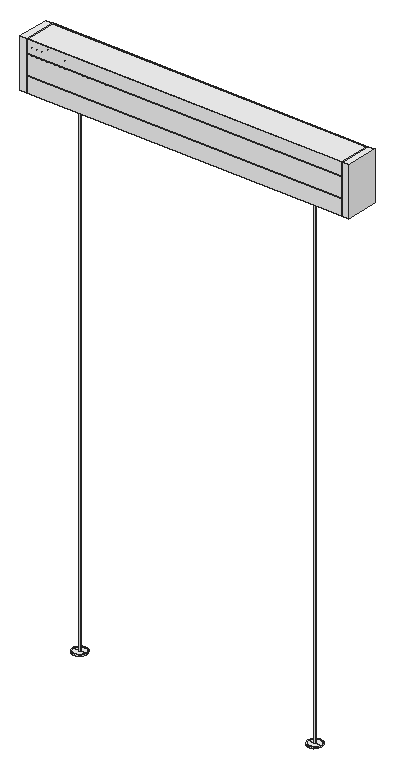
Revit family "2.3 inch  MAGIC WALL WASH LINEAR LIGHT", category Lighting Fixtures, host Face, Revit 2020 (continued)
Types (17): name | Wattage Comments | Wattage | Wall Mount | Suspenders Distance | Surface Mount | Recessed Mount | Photometric Web File | Pendent Mount | Order number | built-in parameter 1150142 | Model | built-in parameter 1150105 | Lumens | Light Source Height | Light Source Distance | built-in parameter 1150106 | Fixture Length
    3.11     2.81     2.53     2.28     2.04     1.82     1.62     1.62     1.64     1.65     \r\n 1.66     1.68     1.69     1.70     1.71     1.72     1.74     1.75     1.76     1.77     \r\n 1.79     1.81     1.82     1.84     1.85     1.85     1.87     1.88     1.90     1.92     \r\n 1.93     1.94     1.96     1.98     1.99     2.00     2.02     2.04     2.05     2.06     \r\n 2.08     2.10     2.11     2.13     2.14     2.16     2.17     2.19     2.20     2.21     \r\n 2.22     2.23     2.24     2.26     2.27     2.27     2.28     2.29     2.30     2.30     \r\n 2.27     2.18     2.12     2.08     2.05     2.02     1.99     1.97     1.95     1.94     \r\n 1.94     1.93     1.93     1.93     1.92     1.88     1.86     1.85     1.85     1.86     \r\n 1.88     1.90     1.91     1.92     1.93     1.94     1.95     1.98     2.00     2.02     \r\n 2.05     2.07     2.09     2.12     2.14     2.16     2.18     2.20     2.22     2.25     \r\n 2.28     2.31     2.33     2.36     2.39     2.43     2.46     2.50     2.54     2.57     \r\n 2.60     2.64     2.67     2.71     2.74     2.77     2.80     2.84     2.88     2.91     \r\n 2.95     2.99     3.03     3.06     3.10     3.14     3.18     3.22     3.26     3.31     \r\n 3.36     3.39     3.43     3.47     3.51     3.55     3.59     3.63     3.67     3.71     \r\n 3.75     3.79     3.83     3.89     3.94     3.97     4.00     4.06     4.12     4.19     \r\n 4.26     \r\n1793.11  1807.47  1821.83  1835.03  1848.23  1860.64  1873.04  1884.65  1896.26  1907.02  \r\n 1917.78  1928.57  1939.36  1949.75  1960.14  1969.59  1979.03  1987.61  1996.18  2004.62  \r\n 2013.06  2020.99  2028.92  2036.71  2044.50  2050.79  2057.07  2063.51  2069.94  2075.72  \r\n 2081.50  2086.14  2090.78  2095.85  2100.93  2105.81  2110.70  2114.85  2119.01  2122.91  \r\n 2126.81  2128.61  2130.42  2132.26  2134.11  2135.23  2136.34  2138.17  2140.00  2139.23  \r\n 2138.46  2137.72  2136.98  2134.58  2132.17  2131.05  2129.92  2127.21  2124.50  2118.34  \r\n 2112.19  2107.14  2102.09  2096.56  2091.03  2083.47  2075.91  2066.54  2057.17  2047.78  \r\n 2038.39  2027.35  2016.30  2005.37  1994.43  1981.90  1969.37  1955.18  1940.98  1925.90  \r\n 1910.83  1894.69  1878.54  1862.78  1847.02  1828.84  1810.66  1792.21  1773.75  1753.54  \r\n 1733.33  1713.69  1694.05  1671.77  1649.49  1627.06  1604.63  1582.06  1559.49  1535.71  \r\n 1511.93  1486.68  1461.42  1437.05  1412.68  1387.41  1362.14  1336.76  1311.39  1284.28  \r\n 1257.18  1231.39  1205.61  1179.21  1152.82  1126.14  1099.47  1073.44  1047.40  1021.24  \r\n 995.09   969.59   944.09   917.96   891.84   867.07   842.31   818.25   794.18   770.24   \r\n 746.30   723.21   700.12   677.89   655.67   633.28   610.89   590.37   569.84   549.30   \r\n 528.76   508.94   489.11   470.04   450.96   432.51   414.06   396.83   379.61   362.54   \r\n 345.47   329.43   313.39   297.62   281.86   266.10   250.35   236.13   221.92   208.39   \r\n 194.87   182.16   169.44   157.30   145.16   133.85   122.55   108.49   94.43    73.79    \r\n 53.15    43.22    33.28    28.15    23.02    18.40    13.78    9.64     5.49     3.71     \r\n 15.34    4.40     4.04     3.81     3.58     3.38     3.19     3.01     2.83     2.67     \r\n 2.51     2.35     2.19     2.05     1.90     1.77     1.64     1.52     1.40     1.29     \r\n 1.18     1.09     1.00     0.92     0.83     0.77     0.71     0.65     0.59     0.56     \r\n 0.52     0.51     0.49     0.49     0.50     0.51     0.52     0.53     0.53     0.54     \r\n 0.54     0.56     0.59     0.59     0.60     0.62     0.64     0.66     0.68     0.68     \r\n 0.69     0.71     0.72     0.73     0.73     0.75     0.77     0.80     0.82     0.83     \r\n 0.84     0.85     0.87     0.88     0.89     0.91     0.93     0.95     0.97     0.98     \r\n 0.98     1.01     1.03     1.04     1.05     1.08     1.10     1.11     1.12     1.14     \r\n 1.15     1.17     1.19     1.21     1.24     1.26     1.27     1.28     1.29     1.31     \r\n 1.33     1.35     1.37     1.39     1.42     1.43     1.45     1.47     1.49     1.51     \r\n 1.53     1.55     1.57     1.59     1.61     1.62     1.64     1.67     1.70     1.71     \r\n 1.73     1.75     1.78     1.81     1.84     1.86     1.88     1.90     1.93     1.96     \r\n 1.99     2.02     2.04     2.07     2.09     2.12     2.16     2.19     2.22     2.25     \r\n 2.28     2.31     2.33     2.36     2.39     2.43     2.47     2.49     2.52     2.56     \r\n 2.59     2.64     2.70     2.71     2.73     2.76     2.79     2.82     2.86     2.89     \r\n 2.93     2.97     3.01     3.04     3.07     3.11     3.14     3.18     3.22     3.26     \r\n 3.30     3.33     3.37     3.41     3.44     3.48     3.52     3.56     3.60     3.64     \r\n 3.67     3.71     3.75     3.79     3.82     3.86     3.90     3.93     3.97     4.00     \r\n 4.26     \r\n1793.11  1807.28  1821.43  1834.44  1847.44  1859.66  1871.86  1883.26  1894.63  1905.20  \r\n 1915.75  1926.29  1936.82  1946.94  1957.03  1966.26  1975.45  1983.87  1992.25  2000.39  \r\n 2008.50  2016.19  2023.84  2031.31  2038.75  2044.92  2050.95  2057.11  2063.27  2068.83  \r\n 2074.31  2078.86  2083.29  2087.93  2092.58  2096.98  2101.33  2105.30  2109.22  2112.70  \r\n 2116.09  2117.89  2119.40  2120.84  2122.25  2123.00  2123.60  2124.63  2125.73  2125.04  \r\n 2123.92  2122.75  2121.56  2118.93  2115.91  2113.74  2111.80  2108.60  2105.00  2099.26  \r\n 2092.84  2086.81  2080.88  2074.53  2068.02  2060.21  2051.90  2042.53  2032.73  2022.68  \r\n 2012.51  2001.26  1989.52  1977.73  1965.91  1952.90  1939.30  1924.76  1909.71  1893.98  \r\n 1877.85  1861.35  1844.65  1827.66  1810.48  1792.05  1772.81  1753.44  1733.98  1713.70  \r\n 1692.81  1671.91  1650.98  1628.99  1606.13  1583.06  1559.80  1536.41  1512.92  1488.94  \r\n 1464.47  1439.33  1413.46  1388.10  1363.38  1337.96  1311.62  1285.43  1259.46  1232.95  \r\n 1205.65  1178.78  1152.66  1126.34  1099.65  1073.01  1046.52  1020.17  994.14   968.02   \r\n 941.63   915.54   890.42   865.17   839.34   813.78   789.48   765.25   741.26   717.36   \r\n 694.28   671.26   648.28   625.32   603.76   582.25   560.78   539.37   519.06   498.88   \r\n 478.74   458.63   439.48   420.66   402.20   383.85   365.87   348.14   330.88   313.99   \r\n 297.48   281.46   265.74   250.50   235.51   221.18   206.98   193.18   179.59   166.85   \r\n 154.35   142.18   130.29   118.61   106.79   95.09    83.83    72.81    62.24    52.22    \r\n 42.64    34.43    26.71    19.43    12.83    9.43     7.45     6.01     5.40     5.05     \r\n 4.70     4.43     4.17     3.92     3.72     3.51     3.31     3.12     2.93     2.73     \r\n 2.53     2.35     2.18     2.02     1.88     1.74     1.62     1.50     1.39     1.28     \r\n 1.18     1.09     1.00     0.92     0.83     0.77     0.70     0.64     0.59     0.56     \r\n 0.54     0.53     0.53     0.54     0.55     0.56     0.57     0.58     0.59     0.60     \r\n 0.61     0.63     0.64     0.65     0.66     0.67     0.69     0.70     0.71     0.72     \r\n 0.74     0.75     0.76     0.77     0.78     0.80     0.82     0.84     0.85     0.86     \r\n 0.87     0.89     0.90     0.91     0.93     0.94     0.96     0.97     0.99     1.00     \r\n 1.02     1.04     1.05     1.07     1.08     1.10     1.12     1.13     1.14     1.16     \r\n 1.18     1.19     1.21     1.23     1.25     1.27     1.29     1.30     1.31     1.33     \r\n 1.35     1.37     1.39     1.41     1.43     1.44     1.46     1.48     1.50     1.52     \r\n 1.54     1.56     1.58     1.60     1.62     1.64     1.66     1.69     1.71     1.72     \r\n 1.74     1.77     1.79     1.82     1.85     1.87     1.89     1.91     1.94     1.97     \r\n 2.00     2.03     2.05     2.08     2.10     2.14     2.17     2.20     2.23     2.26     \r\n 2.29     2.32     2.34     2.37     2.40     2.44     2.48     2.50     2.53     2.56     \r\n 2.60     2.65     2.70     2.71     2.73     2.76     2.80     2.83     2.86     2.90     \r\n 2.94     2.97     3.01     3.04     3.08     3.11     3.15     3.18     3.22     3.26     \r\n 3.30     3.34     3.38     3.41     3.45     3.49     3.53     3.56     3.60     3.64     \r\n 3.67     3.71     3.75     3.79     3.82     3.86     3.90     3.93     3.97     4.00     \r\n 4.26     \r\n1793.11  1806.98  1820.81  1833.55  1846.25  1858.21  1870.12  1881.26  1892.31  1902.66  \r\n 1912.91  1923.13  1933.33  1943.15  1952.85  1961.89  1970.75  1979.04  1987.16  1995.00  \r\n 2002.73  2010.17  2017.48  2024.63  2031.67  2037.89  2043.63  2049.43  2055.28  2060.73  \r\n 2065.87  2070.50  2074.68  2078.88  2083.09  2087.11  2090.89  2094.60  2098.24  2101.59  \r\n 2104.45  2106.71  2107.90  2109.03  2110.01  2110.73  2110.82  2110.98  2111.37  2111.34  \r\n 2109.89  2108.40  2106.77  2104.87  2101.27  2097.73  2095.03  2092.20  2087.78  2083.27  \r\n 2076.65  2070.02  2063.32  2056.58  2049.22  2041.77  2032.99  2024.03  2014.08  2003.96  \r\n 1993.29  1982.45  1970.53  1958.23  1945.75  1933.18  1919.34  1904.84  1889.60  1873.91  \r\n 1857.50  1840.54  1823.51  1806.46  1788.83  1770.48  1751.44  1731.41  1711.32  1691.16  \r\n 1670.67  1649.41  1628.02  1606.16  1584.07  1561.00  1537.86  1514.16  1490.43  1466.43  \r\n 1442.40  1417.73  1393.01  1367.17  1341.16  1316.26  1291.66  1265.48  1238.60  1212.26  \r\n 1186.26  1159.76  1132.86  1106.42  1080.57  1053.52  1026.10  998.93   972.24   945.66   \r\n 919.48   893.42   867.11   840.97   816.16   791.67   766.81   741.93   717.96   694.68   \r\n 671.59   648.74   626.30   604.70   583.25   561.96   540.89   520.82   501.04   481.54   \r\n 462.29   443.49   425.27   407.27   389.78   372.53   355.77   338.56   321.07   304.05   \r\n 287.34   271.31   255.60   240.18   225.07   210.39   196.71   183.35   170.32   157.60   \r\n 145.18   132.99   121.07   109.47   98.46    87.84    77.47    67.43    57.78    48.89    \r\n 40.91    33.26    25.99    18.99    12.23    7.53     6.78     6.11     5.51     4.95     \r\n 4.41     4.18     3.94     3.70     3.46     3.22     3.02     2.84     2.66     2.48     \r\n 2.29     2.11     1.96     1.83     1.72     1.60     1.49     1.38     1.27     1.17     \r\n 1.07     1.00     0.92     0.86     0.79     0.73     0.68     0.64     0.61     0.58     \r\n 0.56     0.55     0.54     0.54     0.54     0.55     0.56     0.57     0.59     0.60     \r\n 0.61     0.63     0.64     0.66     0.67     0.68     0.70     0.71     0.72     0.74     \r\n 0.76     0.77     0.79     0.80     0.82     0.84     0.85     0.86     0.88     0.89     \r\n 0.91     0.93     0.94     0.96     0.97     0.98     1.00     1.02     1.03     1.05     \r\n 1.07     1.08     1.10     1.11     1.13     1.14     1.16     1.17     1.19     1.20     \r\n 1.22     1.24     1.25     1.27     1.29     1.30     1.31     1.33     1.35     1.36     \r\n 1.38     1.40     1.42     1.44     1.46     1.47     1.49     1.51     1.53     1.55     \r\n 1.57     1.59     1.61     1.63     1.65     1.67     1.69     1.71     1.73     1.75     \r\n 1.77     1.79     1.82     1.85     1.87     1.89     1.92     1.94     1.97     2.00     \r\n 2.03     2.05     2.08     2.10     2.13     2.16     2.19     2.22     2.25     2.28     \r\n 2.31     2.33     2.36     2.39     2.43     2.46     2.49     2.52     2.55     2.58     \r\n 2.62     2.67     2.70     2.72     2.75     2.78     2.81     2.84     2.88     2.91     \r\n 2.95     2.99     3.02     3.05     3.09     3.12     3.16     3.20     3.23     3.27     \r\n 3.31     3.35     3.38     3.42     3.45     3.49     3.53     3.57     3.60     3.64     \r\n 3.68     3.72     3.76     3.79     3.83     3.86     3.90     3.93     3.97     4.00     \r\n 4.26     \r\n1793.11  1806.57  1819.99  1832.37  1844.67  1856.31  1867.83  1878.68  1889.32  1899.42  \r\n 1909.29  1919.13  1928.92  1938.42  1947.68  1956.52  1964.98  1973.14  1980.93  1988.55  \r\n 1995.83  2002.99  2009.92  2016.76  2023.36  2029.76  2035.16  2040.55  2046.04  2051.53  \r\n 2056.29  2061.03  2065.00  2068.90  2072.67  2076.38  2079.70  2082.86  2086.14  2089.49  \r\n 2092.21  2094.51  2096.04  2096.92  2097.64  2098.17  2098.35  2097.92  2097.51  2097.17  \r\n 2096.51  2094.73  2092.92  2090.87  2088.76  2084.62  2080.43  2076.94  2073.43  2068.50  \r\n 2063.24  2056.84  2050.08  2042.89  2035.43  2027.53  2019.26  2010.41  2000.91  1991.10  \r\n 1980.77  1970.19  1958.83  1947.26  1934.57  1921.84  1908.70  1895.51  1880.48  1865.24  \r\n 1849.28  1833.12  1816.00  1798.41  1781.04  1763.86  1745.80  1726.54  1706.85  1686.33  \r\n 1665.77  1645.20  1624.53  1601.06  1577.61  1553.24  1528.75  1503.92  1478.98  1453.62  \r\n 1427.95  1402.25  1376.51  1350.73  1324.71  1298.69  1271.61  1244.59  1218.66  1192.91  \r\n 1166.09  1138.82  1112.18  1086.28  1060.29  1033.65  1007.15  981.54   956.05   930.77   \r\n 905.69   880.65   855.60   830.84   806.93   783.20   759.93   736.94   714.47   692.38   \r\n 670.44   648.53   626.31   603.58   581.25   559.31   537.79   516.53   496.03   475.83   \r\n 456.04   436.68   417.63   399.15   380.98   363.17   345.81   328.76   312.24   296.19   \r\n 280.47   265.03   249.98   235.24   221.03   207.18   193.61   180.42   167.59   155.06   \r\n 142.87   131.09   119.54   108.23   97.99    87.99    78.19    68.58    59.16    49.92    \r\n 40.85    31.93    23.15    20.15    17.65    15.24    12.92    10.66    8.45     6.27     \r\n 4.11     3.90     3.70     3.49     3.28     3.07     2.86     2.65     2.44     2.31     \r\n 2.17     2.04     1.91     1.78     1.65     1.52     1.39     1.26     1.17     1.09     \r\n 1.02     0.94     0.87     0.81     0.75     0.70     0.65     0.61     0.58     0.55     \r\n 0.55     0.56     0.57     0.58     0.58     0.59     0.60     0.61     0.62     0.63     \r\n 0.64     0.65     0.66     0.67     0.69     0.71     0.72     0.73     0.73     0.75     \r\n 0.76     0.78     0.80     0.81     0.83     0.84     0.85     0.87     0.88     0.90     \r\n 0.92     0.93     0.94     0.96     0.97     0.99     1.01     1.03     1.04     1.06     \r\n 1.08     1.10     1.11     1.13     1.14     1.16     1.18     1.20     1.21     1.23     \r\n 1.25     1.27     1.29     1.30     1.32     1.34     1.36     1.38     1.40     1.41     \r\n 1.43     1.45     1.46     1.48     1.50     1.52     1.54     1.56     1.58     1.60     \r\n 1.61     1.63     1.65     1.67     1.69     1.71     1.73     1.75     1.77     1.79     \r\n 1.81     1.84     1.86     1.88     1.91     1.93     1.96     1.98     2.01     2.04     \r\n 2.06     2.09     2.11     2.14     2.17     2.20     2.23     2.26     2.28     2.31     \r\n 2.34     2.37     2.40     2.43     2.46     2.49     2.52     2.55     2.58     2.62     \r\n 2.66     2.69     2.72     2.74     2.77     2.80     2.84     2.87     2.90     2.94     \r\n 2.97     3.01     3.04     3.07     3.10     3.14     3.17     3.21     3.25     3.29     \r\n 3.32     3.36     3.40     3.43     3.47     3.50     3.54     3.58     3.61     3.65     \r\n 3.69     3.72     3.76     3.80     3.83     3.87     3.90     3.94     3.97     4.00     \r\n 4.26     \r\n1793.11  1806.07  1818.96  1830.91  1842.72  1853.97  1865.02  1875.55  1885.71  1895.50  \r\n 1904.93  1914.32  1923.64  1932.82  1941.57  1950.20  1958.21  1966.19  1973.61  1981.01  \r\n 1987.91  1994.67  2001.23  2007.70  2013.95  2020.03  2025.62  2030.63  2035.65  2040.73  \r\n 2045.68  2050.01  2054.30  2057.89  2061.47  2064.74  2067.93  2070.67  2073.20  2076.01  \r\n 2079.02  2081.46  2083.18  2084.51  2085.05  2085.51  2085.60  2085.63  2084.71  2083.75  \r\n 2082.72  2081.62  2079.81  2077.72  2075.43  2072.96  2069.65  2064.98  2060.40  2056.22  \r\n 2051.88  2045.94  2039.91  2033.16  2026.33  2018.63  2010.51  2001.93  1992.92  1983.56  \r\n 1973.62  1963.57  1953.14  1942.71  1931.02  1919.23  1906.56  1891.19  1875.02  1858.53  \r\n 1841.33  1822.95  1804.47  1785.30  1766.06  1745.76  1725.37  1705.22  1685.13  1664.20  \r\n 1642.24  1620.10  1597.20  1574.30  1551.51  1528.73  1505.62  1482.37  1458.72  1434.42  \r\n 1410.12  1385.63  1361.17  1336.12  1310.92  1285.89  1261.06  1236.29  1211.43  1186.68  \r\n 1161.13  1135.43  1110.12  1085.26  1060.44  1035.07  1009.86  985.54   961.89   937.50   \r\n 910.48   883.73   857.62   831.95   806.63
